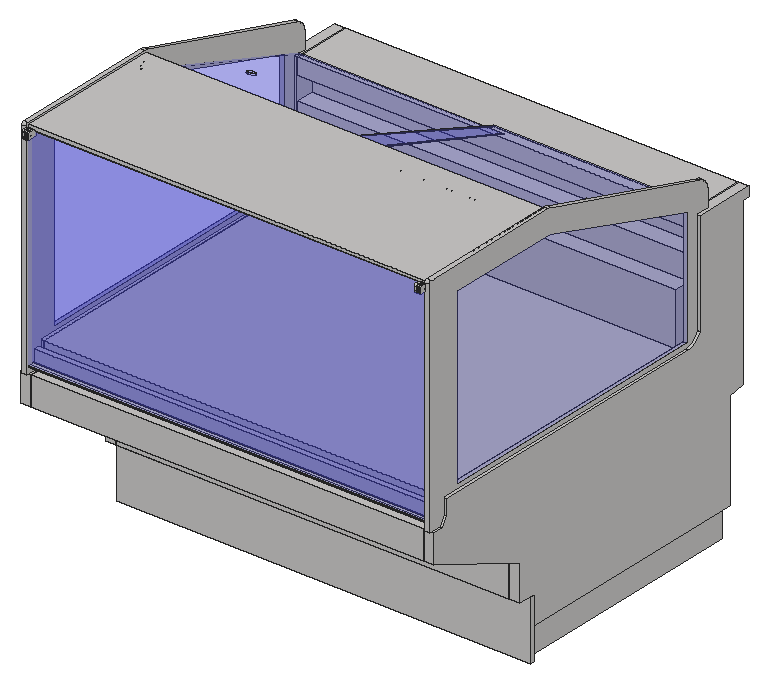
Revit family "QF_OSCARTEK_LA_CROSSE_RM1150_cat", category Specialty Equipment, Revit 2026
Family settings
  Round Connector Dimension = Use Diameter
  Part Type = Normal
  Work Plane-Based = No
  Enable Cutting in Views = No
  Always vertical = Yes
  Cut with Voids When Loaded = No
  Maintain Annotation Orientation = No
  Shared = No
  Room Calculation Point = No
Parameters
  Weight in Pounds = 440
  Watts = 420 W
  Waste Water Discharge Temperature = -459.67 °F
  Volts = 120 V
  URL Cutsheet = ""
  Specification by User = ""
  Specification by Manufacturer = ""
  Show Panels [instance] = yes
  Show Clearance [instance] = yes
  Serial Number = ""
  Seismic Rating = ""
  SMACNA No = ""
  Revision Code = ""
  Refrigerant Volume = 0.00 kip
  Refrigerant Type = "R404A"
  Phase = 1
  Number of Poles = 1
  NAFEM Spec ID Number = ""
  Model = "LA CROSSE PM1150"
  Min Ckt Ampacity = 0 A
  Max Overcurrent Protection = 0 A
  Masterspec = ""
  Manufacturer = "OSCARTEK"
  Length = 47 5/8"
  Item Number = ""
  Installed By = ""
  Indirect Waste Size = 1/4"
  Indirect Waste Flow = 0 GPM
  Indirect Waste Connection Type = ""
  Indirect Waste Connection Height = 0"
  Identify Quantity as Lot = yes
  Height = 45 1/4"
  HP = ""
  Furnished By = ""
  Foodservice Equipment Identifier = yes
  FL Amps = 2.5 A
  Electrical Remarks = ""
  Electric Connection Type = ""
  Elec Conn RI Height = 0"
  Elec Conn Connection Height = 0"
  Description = "LA CROSSE RED MEAT SHOWCASE"
  Depth = 45 3/8"
  Default Elevation = 0"
  Cycle = 60 Hz
  Conn Plug = ""
  Conn Conduit = yes
  CSI MasterFormat = ""
  BTUH = 2400.0 Btu/h
  Apparent Power = 0 VA
Reference planes (in)
  plane 1 "BACK": y = 0
  plane 2: z = 0
  plane 3 "LEFT": x = 0
  plane 4 "RIGHT": x = 47.625
  plane 5 "FRONT": y = -45.375
  plane 6 "TOP": z = 45.25
  plane 7 "Center Y": x = 23.8125
  plane 8 "Center X": y = -22.6875
  plane 9: x = 47.25
  plane 10: x = 0.375
  plane 11: z = 6.9375
  plane 12: z = 19.5
  plane 13: z = 20.24517
  plane 14: z = 20.1875
  plane 15: x = 1.1875
  plane 16: x = 46.4375
  plane 17: x = 0.875
  plane 18: x = 46.75
  plane 19: x = 45.25
  plane 20: z = 45.3125
  plane 21: z = 15.3125
Forms (in)
  Extrusion 1, solid, material "QF_Metal - Stainless - Polished"
    sketch origin (1.1875, -180, -6.0363) x (0, 0, -1) y (0, -1, 0)
      loop
        line (-7.33535, -149.08711) -> (-17.07765, -149.08711) -> (-21.55743, -138.53341) -> (-26.56781, -138.53341) -> (-26.56781, -136.66682) -> (-28.30583, -136.66682) -> (-28.30583, -171.50038)
        arc (-28.30583, -171.50038) -> (-28.69745, -172.43826) -> (-29.47264, -173.0956) r 2.17375
        line (-29.47264, -173.0956) -> (-37.00948, -173.0956) -> (-37.00948, -175.23508) -> (-39.66637, -175.23508) -> (-39.66637, -173.125) -> (-41.47783, -173.125) -> (-41.47783, -180) -> (-40.35551, -180) -> (-40.35551, -179.21241) -> (-21.34378, -179.21241) -> (-21.07149, -177.27494) -> (-11.73734, -177.27494) -> (-11.73734, -177.24344) -> (-11.67433, -177.24344) -> (-11.67433, -177.27494) -> (-7.33535, -177.27494) -> (-7.33535, -149.08711)
      loop
        line (-26.53237, -138.13962) -> (-25.94124, -138.13962) -> (-25.94124, -138.10837) -> (-26.50112, -138.10837) -> (-26.50112, -136.7056) -> (-25.51988, -136.13908) -> (-25.51988, -134.85931) -> (-22.26154, -134.85931) -> (-20.76586, -138.45244) -> (-21.38763, -138.71126) -> (-20.92304, -139.82738) -> (-20.88942, -139.81338) -> (-21.34342, -138.72271) -> (-20.72982, -138.4673) -> (-22.24315, -134.83174) -> (-25.54745, -134.83174) -> (-25.54745, -136.11891) -> (-26.53237, -136.68755) -> (-26.53237, -138.13962)
      loop
        line (-12.98225, -147.11807) -> (-12.98225, -147.64576) -> (-13.34847, -147.64576) -> (-13.34847, -147.6812) -> (-12.95468, -147.6812) -> (-12.95468, -147.09051) -> (-17.14032, -147.09051) -> (-20.71469, -138.50365) -> (-21.26002, -138.73065) -> (-21.10869, -139.09421) -> (-21.07984, -139.0822) -> (-21.22058, -138.74409) -> (-20.72954, -138.53969) -> (-17.15871, -147.11807) -> (-12.98225, -147.11807)
    from 0 to -45.25
  Extrusion 2, solid, material "QF_Metal - Stainless - Polished", visible <- "Show Panels"
    sketch origin (0, 0, 0) x (0, 1, 0) y (0, 0, 1)
      loop
        line (-0.78759, 15.30748) -> (-0.78759, 34.31921) -> (0, 34.31921) -> (0, 35.44153) -> (-6.875, 35.44153) -> (-6.875, 23.49692)
        arc (-6.875, 23.49692) -> (-7.53471, 22.68124) -> (-8.49962, 22.26953) r 2.17375
        line (-8.49962, 22.26953) -> (-43.33318, 22.26953) -> (-43.33318, 20.46016) -> (-43.88109, 19.51115) -> (-45.16826, 19.51115) -> (-45.16826, 16.20686) -> (-32.90949, 11.10402) -> (-32.90949, 6.91838) -> (-30.91289, 6.91838) -> (-30.91289, 3.6875) -> (-2.72506, 3.6875) -> (-2.72506, 15.03519) -> (-0.78759, 15.30748)
    from 0 to 1.1875
  Extrusion 3, solid, material "QF_Metal - Stainless - Polished", visible <- "Show Panels"
    sketch origin (47.625, 0, 0) x (0, -1, 0) y (0, 0, 1)
      loop
        line (2.72506, 15.03519) -> (2.72506, 3.6875) -> (30.91289, 3.6875) -> (30.91289, 6.91838) -> (32.90949, 6.91838) -> (32.90949, 11.10402) -> (45.16826, 16.20686) -> (45.16826, 19.51115) -> (43.88109, 19.51115) -> (43.33318, 20.46016) -> (43.33318, 22.26953) -> (8.49962, 22.26953)
        arc (8.49962, 22.26953) -> (7.53471, 22.68124) -> (6.875, 23.49692) r 2.17375
        line (6.875, 23.49692) -> (6.875, 35.44153) -> (0, 35.44153) -> (0, 34.31921) -> (0.78759, 34.31921) -> (0.78759, 15.30748) -> (2.72506, 15.03519)
    from 0 to 1.1875
  Revolve 4, solid, material "QF_Metal - Stainless - Polished"
    sketch origin (2.375, 26.58082, 0) x (0, 1, 0) y (0, 0, -1)
      loop
        line (-30.83413, 0) -> (-31.09994, -0.11814) -> (-31.05196, -0.22609) -> (-30.4994, -0.22609) -> (-30.4994, -0.39379) -> (-30.32219, -0.39379) -> (-30.32219, -1.26755) -> (-30.40095, -1.26755) -> (-30.40095, -1.37781) -> (-30.36157, -1.37781)
        spline (-30.36157, -1.37781) -> (-30.37994, -1.37921) -> (-30.39705, -1.38331) -> (-30.41174, -1.38984) -> (-30.42301, -1.39834) -> (-30.4301, -1.40824) -> (-30.43252, -1.41887) -> (-30.4301, -1.4295) -> (-30.42301, -1.4394) -> (-30.41174, -1.44791) -> (-30.39705, -1.45443) -> (-30.37994, -1.45854) -> (-30.36157, -1.45993)
        line (-30.36157, -1.45993) -> (-30.36157, -1.87399) -> (-30.32219, -1.91337) -> (-30.28359, -1.9685) -> (-30.1253, -1.9685) -> (-30.1253, 0) -> (-30.83413, 0)
      axis (-30.1253, -1.9685) -> (-30.1253, 0)
    angle from 0 to 360
  Revolve 5, solid, material "QF_Metal - Stainless - Polished"
    sketch origin (2.375, 0, 0) x (0, 1, 0) y (0, 0, -1)
      loop
        line (-30.83413, 0) -> (-31.09994, -0.11814) -> (-31.05196, -0.22609) -> (-30.4994, -0.22609) -> (-30.4994, -0.39379) -> (-30.32219, -0.39379) -> (-30.32219, -1.26755) -> (-30.40095, -1.26755) -> (-30.40095, -1.37781) -> (-30.36157, -1.37781)
        spline (-30.36157, -1.37781) -> (-30.37994, -1.37921) -> (-30.39705, -1.38331) -> (-30.41174, -1.38984) -> (-30.42301, -1.39834) -> (-30.4301, -1.40824) -> (-30.43252, -1.41887) -> (-30.4301, -1.4295) -> (-30.42301, -1.4394) -> (-30.41174, -1.44791) -> (-30.39705, -1.45443) -> (-30.37994, -1.45854) -> (-30.36157, -1.45993)
        line (-30.36157, -1.45993) -> (-30.36157, -1.87399) -> (-30.32219, -1.91337) -> (-30.28359, -1.9685) -> (-30.1253, -1.9685) -> (-30.1253, 0) -> (-30.83413, 0)
      axis (-30.1253, -1.9685) -> (-30.1253, 0)
    angle from 0 to 360
  Extrusion 6, solid, material "QF_Metal - Stainless - Polished"
    sketch origin (1.1875, -180, -6.0363) x (0, 0, -1) y (0, -1, 0)
      loop
        line (-9.7238, -177.27494) -> (-6.0363, -177.27494) -> (-6.0363, -149.08711) -> (-9.7238, -149.08711) -> (-9.7238, -177.27494)
    from 0 to 0.375
  Extrusion 7, solid, material "QF_Metal - Stainless - Polished"
    sketch origin (46.4375, -180, -6.0363) x (0, 0, -1) y (0, 1, 0)
      loop
        line (-9.7238, 177.27494) -> (-9.7238, 149.08711) -> (-6.0363, 149.08711) -> (-6.0363, 177.27494) -> (-9.7238, 177.27494)
    from 0 to 0.375
  Extrusion 8, solid, material "QF_Metal - Stainless - Polished"
    sketch origin (47.625, 0, 0) x (0, -1, 0) y (0, 0, 1)
      loop
        line (31.30668, 6.81218) -> (30.91289, 6.81218) -> (30.91289, 0) -> (31.30668, 0) -> (31.30668, 6.81218)
    from 0 to 47.625
  Extrusion 9, solid, material "QF_Metal - Stainless - Polished"
    sketch origin (0.375, 5.75734, 48) x (0, 1, 0) y (0, 0, -1)
      loop
        line (-33.68253, 5.3125) -> (-14.00734, 11.70536) -> (-14.00734, 25.25) -> (-47.19186, 25.25) -> (-47.19186, 5.3125) -> (-33.68253, 5.3125)
      loop
        arc (-12.05439, 9.29137) -> (-11.41652, 9.7436) -> (-11.17202, 10.48631) r 1.2503
        line (-11.17202, 10.48631) -> (-11.17202, 12.55847) -> (-12.63234, 12.55847) -> (-12.63234, 24.50308)
        arc (-12.63234, 24.50308) -> (-13.29205, 25.31876) -> (-14.25696, 25.73047) r 2.17375
        line (-14.25696, 25.73047) -> (-49.09052, 25.73047) -> (-49.09052, 27.53984) -> (-49.63843, 28.48885) -> (-51.13234, 28.48885) -> (-51.13234, 2.86321)
        arc (-51.13234, 2.86321) -> (-51.05565, 2.67807) -> (-50.87051, 2.60138) r 0.26183
        line (-50.87051, 2.60138) -> (-34.06399, 2.60138)
        arc (-34.06399, 2.60138) -> (-33.78524, 2.62223) -> (-33.51269, 2.68433) r 1.87346
        line (-33.51269, 2.68433) -> (-12.05439, 9.29137)
    from 0 to -0.5
  Extrusion 10, solid, material "QF_Metal - Stainless - Polished"
    sketch origin (47.25, 5.75734, 48) x (0, 1, 0) y (0, 0, 1)
      loop
        line (-11.17202, -12.55847) -> (-11.17202, -10.48631)
        arc (-11.17202, -10.48631) -> (-11.41652, -9.7436) -> (-12.05439, -9.29137) r 1.2503
        line (-12.05439, -9.29137) -> (-33.51269, -2.68433)
        arc (-33.51269, -2.68433) -> (-33.78524, -2.62223) -> (-34.06399, -2.60138) r 1.87346
        line (-34.06399, -2.60138) -> (-50.87051, -2.60138)
        arc (-50.87051, -2.60138) -> (-51.05565, -2.67807) -> (-51.13234, -2.86321) r 0.26183
        line (-51.13234, -2.86321) -> (-51.13234, -28.48885) -> (-49.63843, -28.48885) -> (-49.09052, -27.53984) -> (-49.09052, -25.73047) -> (-14.25696, -25.73047)
        arc (-14.25696, -25.73047) -> (-13.29205, -25.31876) -> (-12.63234, -24.50308) r 2.17375
        line (-12.63234, -24.50308) -> (-12.63234, -12.55847) -> (-11.17202, -12.55847)
      loop
        line (-33.68253, -5.3125) -> (-47.19186, -5.3125) -> (-47.19186, -25.25) -> (-14.00734, -25.25) -> (-14.00734, -11.70536) -> (-33.68253, -5.3125)
    from 0 to -0.5
  Extrusion 11, solid, material "Glass"
    sketch origin (0.375, 5.75734, 48) x (0, 1, 0) y (0, 0, -1)
      loop
        line (-33.68253, 5.3125) -> (-14.00734, 11.70536) -> (-14.00734, 25.25) -> (-47.19186, 25.25) -> (-47.19186, 5.3125) -> (-33.68253, 5.3125)
    from 0 to -0.5
  Extrusion 12, solid, material "Glass"
    sketch origin (47.25, 5.75734, 48) x (0, 1, 0) y (0, 0, 1)
      loop
        line (-14.00734, -25.25) -> (-14.00734, -11.70536) -> (-33.68253, -5.3125) -> (-47.19186, -5.3125) -> (-47.19186, -25.25) -> (-14.00734, -25.25)
    from 0 to -0.5
  Extrusion 13, solid, material "QF_Metal - Stainless - Polished"
    sketch origin (0.875, -180, 41.42362) x (0, 0, -1) y (0, -1, 0)
      loop
        line (-3.86277, -134.75298) -> (-3.86277, -151.68616) -> (-3.46897, -151.68616) -> (-3.46897, -134.75298) -> (-3.86277, -134.75298)
    from 0 to -45.875
  Extrusion 14, solid, material "QF_Metal - Stainless - Polished"
    sketch origin (0.875, -180, 41.42362) x (0, 0, -1) y (0, -1, 0)
      loop
        line (-1.5, -138.41527) -> (-1.91348, -138.41527) -> (-1.91348, -137.23389) -> (-2.8389, -137.23389) -> (-2.8389, -136.21002) -> (-3.46897, -136.21002) -> (-3.46897, -149.44153) -> (-2.18695, -149.44153) -> (-1.5, -148.75458) -> (-1.5, -138.41527)
    from 0 to -45.875
  Extrusion 15, solid, material "QF_Metal - Stainless - Polished"
    sketch origin (0.875, -180, 41.42362) x (0, 0, -1) y (0, -1, 0)
      loop
        line (-3.46897, -151.06972) -> (-3.38037, -151.06972) -> (-3.38037, -150.47198) -> (-2.92267, -150.47198) -> (-2.92267, -150.77717)
        arc (-2.92267, -150.77717) -> (-2.81495, -150.87429) -> (-2.90044, -150.99145) r 0.10829
        arc (-2.90044, -150.99145) -> (-2.93089, -151.03807) -> (-2.88427, -151.06853) r 0.03938
        arc (-2.88427, -151.06853) -> (-2.73683, -150.90672) -> (-2.84391, -150.7158) r 0.18705
        line (-2.84391, -150.7158) -> (-2.84391, -150.47198) -> (-2.14905, -150.47198) -> (-2.14976, -150.58027)
        arc (-2.14976, -150.58027) -> (-2.17304, -150.64736) -> (-2.23288, -150.6856) r 0.10829
        arc (-2.23288, -150.6856) -> (-2.26203, -150.73305) -> (-2.21457, -150.7622) r 0.03938
        arc (-2.21457, -150.7622) -> (-2.11122, -150.69615) -> (-2.071, -150.58027) r 0.18705
        line (-2.071, -150.58027) -> (-2.071, -150.39322) -> (-2.46377, -150.39322) -> (-2.46377, -149.52029) -> (-2.18695, -149.52029) -> (-2.18695, -149.44153) -> (-3.46897, -149.44153) -> (-3.46897, -151.06972)
      loop
        line (-3.38037, -150.39322) -> (-2.55529, -150.39322) -> (-2.55529, -149.53013) -> (-3.38037, -149.53013) -> (-3.38037, -150.39322)
      loop
        line (19.64678, -136.21002) -> (20.1784, -136.21002) -> (20.1784, -136.41915)
        arc (20.1784, -136.41915) -> (20.47375, -136.71449) -> (20.76909, -136.41915) r 0.29535
        line (20.76909, -136.41915) -> (20.76909, -136.21002) -> (21.17845, -136.21002) -> (21.17845, -134.83174) -> (21.04475, -134.83174) -> (21.04475, -135.61933) -> (19.64678, -135.61933) -> (19.64678, -136.21002)
      loop
        line (19.74523, -135.71778) -> (19.74523, -136.11158) -> (21.06444, -136.11158) -> (21.06444, -135.71778) -> (19.74523, -135.71778)
    from 0 to -45.875
  Extrusion 16, solid, material "Glass"
    sketch origin (0.875, -180, 41.42362) x (0, 0, -1) y (0, -1, 0)
      loop
        line (21.04475, -135.36337) -> (-3.37053, -135.36337) -> (-3.37053, -135.5957) -> (21.04475, -135.5957) -> (21.04475, -135.36337)
      loop
        line (21.04475, -134.81599) -> (-3.37053, -134.81599) -> (-3.37053, -135.04833) -> (21.04475, -135.04833) -> (21.04475, -134.81599)
    from 0 to -45.875
  Extrusion 17, solid, material "QF_Door-Drawer Clearances", visible <- "Show Clearance", detail levels coarse
    sketch origin (0.875, -180, 41.42362) x (0, 0, -1) y (0, -1, 0)
      loop
        arc (21.04475, -134.81599) -> (4.42361, -111.67821) -> (-22.80952, -120.04334) r 24.41527
        line (-22.80952, -120.04334) -> (-3.37053, -133.65469) -> (-3.37053, -134.81599) -> (21.04475, -134.81599)
    from 0 to -45.5625
  Extrusion 18, void
    sketch origin (1.1875, -2.72506, 27.25) x (0, 0, 1) y (-1, 0, 0)
      loop
        line (-25.95095, -15.25) -> (-25.95095, -15.375) -> (-8.34488, -15.375) -> (-8.34488, -15.25) -> (-25.95095, -15.25)
    from 0 to 1
  Extrusion 19, solid, material "QF_Metal - Stainless - Polished"
    sketch origin (1.1875, -2.72506, 30.41268) x (0, 0, -1) y (-1, 0, 0)
      loop
        line (15.41701, -8.14667) -> (14.50756, -8.14667) -> (14.50756, -10.22879) -> (15.41701, -10.22879) -> (15.41701, -8.14667)
      loop
        line (14.50756, -6.17476) -> (14.90329, -6.17476) -> (14.90329, -5.64734) -> (14.50756, -5.64734) -> (14.50756, -6.17476)
      loop
        line (14.50756, -6.78483) -> (14.90329, -6.78483) -> (14.90329, -6.25742) -> (14.50756, -6.25742) -> (14.50756, -6.78483)
      loop
        line (14.50756, -7.39491) -> (14.90329, -7.39491) -> (14.90329, -6.86749) -> (14.50756, -6.86749) -> (14.50756, -7.39491)
      loop
        line (14.50756, -8.00498) -> (14.90329, -8.00498) -> (14.90329, -7.47756) -> (14.50756, -7.47756) -> (14.50756, -8.00498)
      loop
        line (15.02128, -6.17476) -> (15.41701, -6.17476) -> (15.41701, -5.64734) -> (15.02128, -5.64734) -> (15.02128, -6.17476)
      loop
        line (15.02128, -6.78483) -> (15.41701, -6.78483) -> (15.41701, -6.25742) -> (15.02128, -6.25742) -> (15.02128, -6.78483)
      loop
        line (15.02128, -7.39491) -> (15.41701, -7.39491) -> (15.41701, -6.86749) -> (15.02128, -6.86749) -> (15.02128, -7.39491)
      loop
        line (15.02128, -8.00498) -> (15.41701, -8.00498) -> (15.41701, -7.47756) -> (15.02128, -7.47756) -> (15.02128, -8.00498)
    from 0 to 0.125
  Extrusion 20, solid, material "QF_Metal - Stainless - Polished"
    sketch origin (1.1875, -2.72506, 27.25) x (0, 0, -1) y (-1, 0, 0)
      loop
        arc (23.55584, -7.68978) -> (23.79021, -7.92415) -> (24.02459, -7.68978) r 0.23438
        line (24.02459, -7.68978) -> (24.02459, -7.56022)
        arc (24.02459, -7.56022) -> (23.79021, -7.32585) -> (23.55584, -7.56022) r 0.23438
        line (23.55584, -7.56022) -> (23.55584, -7.68978)
    from 0 to 0.0625
  Extrusion 21, solid, material "QF_Metal - Stainless - Polished"
    sketch origin (0.875, -180, 41.42362) x (0, 0, -1) y (0, -1, 0)
      loop
        line (19.64678, -136.21002) -> (20.1784, -136.21002) -> (20.1784, -136.41915)
        arc (20.1784, -136.41915) -> (20.47375, -136.71449) -> (20.76909, -136.41915) r 0.29535
        line (20.76909, -136.41915) -> (20.76909, -136.21002) -> (21.17845, -136.21002) -> (21.17845, -134.83174) -> (21.04475, -134.83174) -> (21.04475, -135.61933) -> (19.64678, -135.61933) -> (19.64678, -136.21002)
      loop
        line (19.74523, -135.71778) -> (19.74523, -136.11158) -> (21.06444, -136.11158) -> (21.06444, -135.71778) -> (19.74523, -135.71778)
      loop
        line (-3.22861, -151.05753) -> (-2.9036, -151.8982) -> (-2.83676, -151.87236) -> (-3.03414, -151.3618) -> (-2.88723, -151.305) -> (-2.74302, -151.67795) -> (-2.69313, -151.66434) -> (-2.81686, -151.21062)
        arc (-2.81686, -151.21062) -> (-2.93271, -151.17294) -> (-3.04856, -151.2106) r 0.19696
        arc (-3.04856, -151.2106) -> (-3.08393, -151.21926) -> (-3.11127, -151.19522) r 0.03938
        line (-3.11127, -151.19522) -> (-3.17225, -151.03762)
        arc (-3.17225, -151.03762) -> (-3.13569, -150.88294) -> (-2.97769, -150.86557) r 0.13782
        arc (-2.97769, -150.86557) -> (-2.83458, -150.92429) -> (-2.94514, -150.81609) r 0.0788
        arc (-2.94514, -150.81609) -> (-3.17254, -150.83622) -> (-3.22861, -151.05753) r 0.19723
      loop
        line (-2.56801, -150.75269) -> (-2.26152, -151.59661) -> (-2.19491, -151.57242) -> (-2.38056, -151.06124) -> (-2.23245, -151.00748) -> (-2.08925, -151.402) -> (-2.04548, -151.3762) -> (-2.16012, -150.9147)
        arc (-2.16012, -150.9147) -> (-2.27661, -150.8746) -> (-2.39413, -150.91158) r 0.1969
        arc (-2.39413, -150.91158) -> (-2.42874, -150.91723) -> (-2.45413, -150.89304) r 0.03938
        line (-2.45413, -150.89304) -> (-2.5124, -150.7325)
        arc (-2.5124, -150.7325) -> (-2.46796, -150.57706) -> (-2.30641, -150.57078) r 0.13783
        arc (-2.30641, -150.57078) -> (-2.1647, -150.63265) -> (-2.27286, -150.52215) r 0.07876
        arc (-2.27286, -150.52215) -> (-2.50411, -150.53029) -> (-2.56801, -150.75269) r 0.19694
    from 0 to -45.5625
  Extrusion 22, solid, material "QF_Metal - Stainless - Polished"
    sketch origin (0.875, -180, 41.42362) x (0, 0, -1) y (0, -1, 0)
      loop
        line (-2.81582, -134.04415) -> (-3.37053, -134.04415)
        arc (-3.37053, -134.04415) -> (-3.50076, -134.13158) -> (-3.5592, -134.27715) r 0.26633
        line (-3.5592, -134.27715) -> (-3.5592, -135.04549) -> (-2.74045, -135.04549) -> (-2.74045, -134.11952)
        arc (-2.74045, -134.11952) -> (-2.76253, -134.06623) -> (-2.81582, -134.04415) r 0.07537
      loop
        circle (-3.15394, -134.35919) r 0.13783
    from 0 to -0.25
  Extrusion 23, solid, material "QF_Metal - Stainless - Polished"
    sketch origin (1.125, -180, 41.42362) x (0, 0, 1) y (0, -1, 0)
      loop
        arc (2.81582, -134.04415) -> (2.76253, -134.06623) -> (2.74045, -134.11952) r 0.07537
        line (2.74045, -134.11952) -> (2.74045, -135.04549) -> (3.5592, -135.04549) -> (3.5592, -134.27715)
        arc (3.5592, -134.27715) -> (3.50076, -134.13158) -> (3.37053, -134.04415) r 0.26633
        line (3.37053, -134.04415) -> (2.81582, -134.04415)
      loop
        circle (3.15394, -134.35919) r 0.13783
    from 0 to 0.25
  Extrusion 24, solid, material "QF_Metal - Stainless - Polished"
    sketch origin (1.375, -180, 41.42362) x (0, 0, 1) y (0, -1, 0)
      loop
        arc (2.81582, -134.04415) -> (2.76253, -134.06623) -> (2.74045, -134.11952) r 0.07537
        line (2.74045, -134.11952) -> (2.74045, -135.04549) -> (3.5592, -135.04549) -> (3.5592, -134.27715)
        arc (3.5592, -134.27715) -> (3.50076, -134.13158) -> (3.37053, -134.04415) r 0.26633
        line (3.37053, -134.04415) -> (2.81582, -134.04415)
      loop
        circle (3.15394, -134.35919) r 0.13783
    from 0 to 0.25
  Extrusion 25, solid, material "QF_Metal - Stainless - Polished"
    sketch origin (46.75, -180, 41.42362) x (0, 0, -1) y (0, 1, 0)
      loop
        arc (-2.81582, 134.04415) -> (-2.76253, 134.06623) -> (-2.74045, 134.11952) r 0.07537
        line (-2.74045, 134.11952) -> (-2.74045, 135.04549) -> (-3.5592, 135.04549) -> (-3.5592, 134.27715)
        arc (-3.5592, 134.27715) -> (-3.50076, 134.13158) -> (-3.37053, 134.04415) r 0.26633
        line (-3.37053, 134.04415) -> (-2.81582, 134.04415)
      loop
        circle (-3.15394, 134.35919) r 0.13783
    from 0 to -0.25
  Extrusion 26, solid, material "QF_Metal - Stainless - Polished"
    sketch origin (46.25, -180, 41.42362) x (0, 0, 1) y (0, 1, 0)
      loop
        line (2.81582, 134.04415) -> (3.37053, 134.04415)
        arc (3.37053, 134.04415) -> (3.50076, 134.13158) -> (3.5592, 134.27715) r 0.26633
        line (3.5592, 134.27715) -> (3.5592, 135.04549) -> (2.74045, 135.04549) -> (2.74045, 134.11952)
        arc (2.74045, 134.11952) -> (2.76253, 134.06623) -> (2.81582, 134.04415) r 0.07537
      loop
        circle (3.15394, 134.35919) r 0.13783
    from 0 to 0.25
  Extrusion 27, solid, material "QF_Metal - Stainless - Polished"
    sketch origin (46.5, -180, 41.42362) x (0, 0, 1) y (0, 1, 0)
      loop
        line (2.81582, 134.04415) -> (3.37053, 134.04415)
        arc (3.37053, 134.04415) -> (3.50076, 134.13158) -> (3.5592, 134.27715) r 0.26633
        line (3.5592, 134.27715) -> (3.5592, 135.04549) -> (2.74045, 135.04549) -> (2.74045, 134.11952)
        arc (2.74045, 134.11952) -> (2.76253, 134.06623) -> (2.81582, 134.04415) r 0.07537
      loop
        circle (3.15394, 134.35919) r 0.13783
    from 0 to 0.25
  Extrusion 28, solid, material "Glass"
    sketch origin (46.75, -180, 41.42362) x (0, 0, -1) y (0, 1, 0)
      loop
        line (-3.03414, 151.36182) -> (-2.88723, 151.30498) -> (5.98209, 174.22614) -> (5.83519, 174.28299) -> (-3.03414, 151.36182)
    from 0 to -23.8125
  Extrusion 29, solid, material "Glass"
    sketch origin (0.875, -180, 41.42362) x (0, 0, -1) y (0, -1, 0)
      loop
        line (-2.23245, -151.00748) -> (-2.38051, -151.06123) -> (5.83403, -173.69242) -> (5.98209, -173.63868) -> (-2.23245, -151.00748)
    from 0 to -23.8125
  Revolve 30, solid, material "QF_Metal - Stainless - Polished"
    sketch origin (45.25, -180, 0.39379) x (0, 0, 1) y (0, -1, 0)
      loop
        line (-0.39379, -175.74669) -> (-0.39379, -176.45552) -> (1.57471, -176.45552) -> (1.57471, -176.29723) -> (1.51958, -176.25862) -> (1.4802, -176.21924) -> (1.06614, -176.21924)
        spline (1.06614, -176.21924) -> (1.06474, -176.20088) -> (1.06064, -176.18377) -> (1.05411, -176.16908) -> (1.04561, -176.15781) -> (1.0357, -176.15072) -> (1.02508, -176.1483) -> (1.01445, -176.15072) -> (1.00455, -176.15781) -> (0.99604, -176.16908) -> (0.98952, -176.18377) -> (0.98541, -176.20088) -> (0.98401, -176.21924)
        line (0.98401, -176.21924) -> (0.98401, -176.17986) -> (0.87375, -176.17986) -> (0.87375, -176.25862) -> (0, -176.25862) -> (0, -176.08142) -> (-0.1677, -176.08142) -> (-0.1677, -175.52886) -> (-0.27566, -175.48088) -> (-0.39379, -175.74669)
      axis (1.57471, -176.45552) -> (-0.39379, -176.45552)
    angle from 0 to 360
  Revolve 31, solid, material "QF_Metal - Stainless - Polished"
    sketch origin (45.25, -180, 0.39379) x (0, 0, 1) y (0, -1, 0)
      loop
        line (-0.39379, -149.16587) -> (-0.39379, -149.8747) -> (1.57471, -149.8747) -> (1.57471, -149.71641) -> (1.51958, -149.67781) -> (1.4802, -149.63843) -> (1.06614, -149.63843)
        spline (1.06614, -149.63843) -> (1.06474, -149.62006) -> (1.06064, -149.60295) -> (1.05411, -149.58826) -> (1.04561, -149.57699) -> (1.0357, -149.5699) -> (1.02508, -149.56748) -> (1.01445, -149.5699) -> (1.00455, -149.57699) -> (0.99604, -149.58826) -> (0.98952, -149.60295) -> (0.98541, -149.62006) -> (0.98401, -149.63843)
        line (0.98401, -149.63843) -> (0.98401, -149.59905) -> (0.87375, -149.59905) -> (0.87375, -149.67781) -> (0, -149.67781) -> (0, -149.5006) -> (-0.1677, -149.5006) -> (-0.1677, -148.94804) -> (-0.27566, -148.90006) -> (-0.39379, -149.16587)
      axis (1.57471, -149.8747) -> (-0.39379, -149.8747)
    angle from 0 to 360
  Extrusion 32, solid, material "QF_Metal - Stainless - Polished"
    sketch origin (1.1875, -29.33771, 1.29905) x (1, 0, 0) y (0, -1, 0)
      loop
        circle (4.3125, -22.15021) r 0.5
      loop
        circle (40.9375, -22.15021) r 0.5
    from 0 to 0.125
  Extrusion 33, solid, material "QF_Metal - Stainless - Polished"
    sketch origin (1.1875, -29.33771, 1.29905) x (1, 0, 0) y (0, -1, 0)
      loop
        circle (4.9375, -4.83771) r 0.5
      loop
        circle (40.3125, -4.83771) r 0.5
    from 0 to 0.125
  Extrusion 34, solid, material "QF_Metal - Stainless - Polished"
    sketch origin (1.1875, -180, -6.0363) x (0, 0, -1) y (0, -1, 0)
      loop
        line (-24.94142, -170.98675) -> (-34.2863, -170.98675) -> (-34.2863, -177.27494) -> (-24.94142, -177.27494) -> (-24.94142, -170.98675)
    from 0 to -45.25
  Extrusion 35, void
    sketch origin (46.75, -28.63818, 44.45776) x (0, -0.932614, 0.360874) y (-1, 0, 0)
      loop
        circle (-12.28866, 3.5) r 0.5
    from 0 to 1
  Extrusion 36, void
    sketch origin (0.875, -6.30758, 35.58959) x (0, 0.939993, -0.341193) y (1, 0, 0)
      loop
        spline (-12.23031, 3.5) -> (-12.21328, 3.37059) -> (-12.16334, 3.25) -> (-12.0839, 3.14645) -> (-11.98037, 3.06699) -> (-11.8598, 3.01704) -> (-11.73042, 3) -> (-11.60104, 3.01704) -> (-11.48048, 3.06699) -> (-11.37695, 3.14645) -> (-11.2975, 3.25) -> (-11.24757, 3.37059) -> (-11.23053, 3.5)
        spline (-11.23053, 3.5) -> (-11.24757, 3.62941) -> (-11.2975, 3.75) -> (-11.37695, 3.85355) -> (-11.48048, 3.93301) -> (-11.60104, 3.98296) -> (-11.73042, 4) -> (-11.8598, 3.98296) -> (-11.98037, 3.93301) -> (-12.0839, 3.85355) -> (-12.16334, 3.75) -> (-12.21328, 3.62941) -> (-12.23031, 3.5)
    from 0 to 12
Cuts and joins
  Extrusion 18 cuts Extrusion 1
  Extrusion 35 cuts Extrusion 28
  Extrusion 36 cuts Extrusion 29
Lines and regions (in)
  symbolic lines, style "QF_Door-Drawer Clearances"
    curve 1: line (0.875, -69.59928, 0) -> (46.75, -69.59928, 0)
    curve 2: line (46.75, -69.59928, 0) -> (46.75, -45.375, 0)
    curve 3: line (0.875, -69.59928, 0) -> (0.875, -45.375, 0)
  symbolic lines, visible <- "Show Panels"
    curve 4: line (0, -45.16826, 0) -> (0.375, -45.16826, 0)
    curve 9: line (0, -45.16826, 0) -> (0, 0, 0)
    curve 10: line (0, 0, 0) -> (1.1875, 0, 0)
    curve 12: line (47.625, -45.16826, 0) -> (47.25, -45.16826, 0)
    curve 13: line (47.625, -45.16826, 0) -> (47.625, 0, 0)
    curve 14: line (47.625, 0, 0) -> (46.4375, 0, 0)
  symbolic lines
    curve 5: line (0.375, -45.375, 0) -> (0.875, -45.375, 0)
    curve 6: line (0.875, -45.375, 0) -> (0.875, -5.41468, 0)
    curve 7: line (0.375, -5.41468, 0) -> (0.875, -5.41468, 0)
    curve 8: line (0.375, -5.41468, 0) -> (0.375, -45.375, 0)
    curve 11: line (1.1875, 0, 0) -> (1.1875, -6.10743, 0)
    curve 15: line (1.1875, 0, 0) -> (46.4375, 0, 0)
    curve 16: line (46.4375, 0, 0) -> (46.4375, -5.77113, 0)
    curve 17: line (47.25, -5.41468, 0) -> (46.75, -5.41468, 0)
    curve 18: line (46.75, -5.41468, 0) -> (46.75, -45.375, 0)
    curve 19: line (46.75, -45.375, 0) -> (47.25, -45.375, 0)
    curve 20: line (47.25, -45.375, 0) -> (47.25, -5.41468, 0)
    curve 21: line (46.75, -45.24702, 0) -> (0.875, -45.24702, 0)
    curve 22: line (0.875, -28.30665, 0) -> (46.75, -28.30665, 0)
    curve 23: line (22.9375, -28.30665, 0) -> (22.9375, -5.7364, 0)
    curve 24: line (22.9375, -5.7364, 0) -> (46.75, -5.7364, 0)
    curve 25: line (0.875, -6.10743, 0) -> (22.9375, -6.10743, 0)
    curve 26: spline (4.375, -17.80399, 0) -> (4.24559, -17.78798, 0) -> (4.125, -17.74103, 0) -> (4.02145, -17.66636, 0) -> (3.94199, -17.56904, 0) -> (3.89204, -17.45571, 0) -> (3.875, -17.3341, 0) -> (3.89204, -17.21248, 0) -> (3.94199, -17.09915, 0) -> (4.02145, -17.00183, 0) -> (4.125, -16.92716, 0) -> (4.24559, -16.88021, 0) -> (4.375, -16.8642, 0)
    curve 27: spline (4.375, -16.8642, 0) -> (4.50441, -16.88021, 0) -> (4.625, -16.92716, 0) -> (4.72855, -17.00183, 0) -> (4.80801, -17.09915, 0) -> (4.85796, -17.21248, 0) -> (4.875, -17.3341, 0) -> (4.85796, -17.45571, 0) -> (4.80801, -17.56904, 0) -> (4.72855, -17.66636, 0) -> (4.625, -17.74103, 0) -> (4.50441, -17.78798, 0) -> (4.375, -17.80399, 0)
    curve 28: spline (43.25, -16.71129, 0) -> (43.37941, -16.72718, 0) -> (43.5, -16.77376, 0) -> (43.60355, -16.84787, 0) -> (43.68301, -16.94444, 0) -> (43.73296, -17.05691, 0) -> (43.75, -17.1776, 0) -> (43.73296, -17.29829, 0) -> (43.68301, -17.41075, 0) -> (43.60355, -17.50732, 0) -> (43.5, -17.58143, 0) -> (43.37941, -17.62801, 0) -> (43.25, -17.6439, 0)
    curve 29: spline (43.25, -17.6439, 0) -> (43.12059, -17.62801, 0) -> (43, -17.58143, 0) -> (42.89645, -17.50732, 0) -> (42.81699, -17.41075, 0) -> (42.76704, -17.29829, 0) -> (42.75, -17.1776, 0) -> (42.76704, -17.05691, 0) -> (42.81699, -16.94444, 0) -> (42.89645, -16.84787, 0) -> (43, -16.77376, 0) -> (43.12059, -16.72718, 0) -> (43.25, -16.71129, 0)
Dimensions and locks (in)
  equal spacing: plane 3 "LEFT", plane 7 "Center Y", plane 4 "RIGHT"
  "Length": plane 3 "LEFT" to plane 4 "RIGHT"
  equal spacing: plane 5 "FRONT", plane 8 "Center X", plane 1 "BACK"
  "Depth": plane 5 "FRONT" to plane 1 "BACK"
  "Height": plane 6 "TOP" to level
  plane 6 "TOP" to level = 45 1/4"
  plane 10 to plane 9 = 46 7/8"
  locked: plane 9 to plane 4 "RIGHT" at 0.375
  locked: plane 3 "LEFT" to plane 10 at 0.375
  plane 6 "TOP" to plane 2 = 45 1/4"
  plane 5 "FRONT" to plane 1 "BACK" = 45 3/8"
  plane 11 to plane 2 = 6 15/16"
  plane 12 to plane 11 = 12 9/16"
  plane 20 to plane 14 = 25 1/8"
  locked: plane 3 "LEFT" to plane 15 at 1.1875
  locked: plane 4 "RIGHT" to plane 16 at 1.1875
  locked: plane 3 "LEFT" to plane 17 at 0.875
  locked: plane 4 "RIGHT" to plane 18 at 0.875
  locked: Extrusion 28 to plane 7 "Center Y" at 0.875
  locked: Extrusion 29 to plane 7 "Center Y" at 0.875
  locked: plane 4 "RIGHT" to plane 19 at 2.375
  plane 13 to plane 12 = 0.74517"
  plane 6 "TOP" to Extrusion 3 = 9.80847"
  Extrusion 3 to plane 2 = 35.44153"
  plane 21 to plane 2 = 15 5/16"
  Extrusion 3 to plane 21 = 20.12903"
  aligned and locked: level to plane 2
  aligned and locked: plane 16 to Extrusion 1
  aligned and locked: Extrusion 8 to plane 3 "LEFT"
  aligned and locked: plane 18 to Extrusion 14
  aligned and locked: Extrusion 15 to plane 18
  aligned and locked: Extrusion 16 to plane 18
  aligned and locked: plane 16 to Extrusion 34
  aligned and locked: plane 16 to Extrusion 17
  aligned and locked: plane 16 to Extrusion 21
  aligned and locked: plane 18 to Extrusion 13
Automatic sketch dimensions
  Revolve 4 sketch curve to level = 0"
  level to Revolve 4 sketch curve = 0.11814"
  plane 1 "BACK" to Revolve 4 sketch curve = 4.51912"
  level to Revolve 4 sketch curve = 0.22609"
  Revolve 4 sketch curve to Revolve 4 sketch curve = 0.04798"
  Revolve 4 sketch curve to Revolve 4 sketch curve = 0.33473"
  Revolve 4 sketch curve to Revolve 4 sketch curve = 0.09845"
  Revolve 4 sketch curve to Revolve 4 sketch curve = 0.03938"  (x3)
  Revolve 4 sketch curve to Revolve 4 sketch curve = 0.07876"
  Revolve 4 sketch curve to Revolve 4 sketch curve = 0.0386"
  Revolve 4 sketch curve to Revolve 4 sketch curve = 0.37411"
  Revolve 4 sketch curve to Revolve 4 sketch curve = 0.1677"
  Revolve 4 sketch curve to Revolve 4 sketch curve = 0.87375"
  Revolve 4 sketch curve to Revolve 4 sketch curve = 0.11026"
  Revolve 4 sketch curve to Revolve 4 sketch curve = 0.08213"
  Revolve 4 sketch curve to Revolve 4 sketch curve = 53/128"
  Revolve 4 sketch curve to Revolve 4 sketch curve = 0.05513"
  Revolve 4 sketch curve to Revolve 4 sketch curve = 0.03156"
  Revolve 4 sketch curve to Revolve 4 sketch curve = 0"  (x3)
  Revolve 4 sketch curve to Revolve 4 sketch curve = 0.22609"
  Revolve 4 sketch curve to level = 0.9832"
  Revolve 5 sketch curve to level = 0"
  level to Revolve 5 sketch curve = 0.11814"
  Revolve 5 sketch curve to plane 8 "Center X" = 8.41244"
  level to Revolve 5 sketch curve = 0.22609"
  Revolve 5 sketch curve to Revolve 5 sketch curve = 0.04798"
  Revolve 5 sketch curve to Revolve 5 sketch curve = 0.33473"
  Revolve 5 sketch curve to Revolve 5 sketch curve = 0.09845"
  Revolve 5 sketch curve to Revolve 5 sketch curve = 0.03938"  (x3)
  Revolve 5 sketch curve to Revolve 5 sketch curve = 0.07876"
  level to Revolve 5 sketch curve = 1.91337"
  level to Revolve 5 sketch curve = 1.9685"
  Revolve 5 sketch curve to Revolve 5 sketch curve = 0.0386"
  Revolve 5 sketch curve to Revolve 5 sketch curve = 0.37411"
  Revolve 5 sketch curve to Revolve 5 sketch curve = 53/128"
  Revolve 5 sketch curve to Revolve 5 sketch curve = 0.08213"
  Revolve 5 sketch curve to Revolve 5 sketch curve = 0.11026"
  Revolve 5 sketch curve to Revolve 5 sketch curve = 0.1677"
  Revolve 5 sketch curve to Revolve 5 sketch curve = 0.03156"
  Revolve 5 sketch curve to Revolve 5 sketch curve = 0"  (x2)
  Revolve 5 sketch curve to Revolve 5 sketch curve = 0.04106"
  Revolve 5 sketch curve to Revolve 5 sketch curve = 0.22609"
  Revolve 5 sketch curve to level = 0.9832"
  Extrusion 6 sketch curve to level = 0"
  Extrusion 6 sketch curve to plane 11 = 3 1/4"
  plane 1 "BACK" to Extrusion 6 sketch curve = 2.72506"
  Extrusion 6 sketch curve to plane 8 "Center X" = 8.22539"
  Extrusion 7 sketch curve to level = 0"
  plane 11 to Extrusion 7 sketch curve = 3 1/4"
  Extrusion 7 sketch curve to plane 1 "BACK" = 2.72506"
  plane 8 "Center X" to Extrusion 7 sketch curve = 8.22539"
  Extrusion 8 sketch curve to level = 0"
  Extrusion 8 sketch curve to plane 11 = 0.12532"
  Extrusion 8 sketch curve to plane 8 "Center X" = 8.22539"
  Extrusion 8 sketch curve to Extrusion 8 sketch curve = 0.3938"
  Extrusion 10 sketch curve to plane 5 "FRONT" = 0"
  Extrusion 10 sketch curve to plane 6 "TOP" = 1.72484"
  Extrusion 10 sketch curve to plane 8 "Center X" = 5.61915"
  plane 6 "TOP" to Extrusion 10 sketch curve = 0.06567"
  Extrusion 14 sketch curve to plane 6 "TOP" = 0.35741"
  Extrusion 14 sketch curve to plane 6 "TOP" = 0.98748"
  Extrusion 14 sketch curve to Extrusion 14 sketch curve = 1.28202"
  Extrusion 14 sketch curve to Extrusion 14 sketch curve = 0.92542"
  Extrusion 14 sketch curve to Extrusion 14 sketch curve = 0.68695"  (x2)
  Extrusion 14 sketch curve to plane 8 "Center X" = 7.87097"
  Extrusion 14 sketch curve to plane 5 "FRONT" = 3.79027"
  Extrusion 14 sketch curve to Extrusion 14 sketch curve = 1.18138"
  Extrusion 14 sketch curve to Extrusion 14 sketch curve = 1.02387"
  Extrusion 15 sketch curve to plane 13 = 0"
  plane 13 to Extrusion 15 sketch curve = 0.11401"
  Extrusion 15 sketch curve to Extrusion 15 sketch curve = 0.01969"
  Extrusion 15 sketch curve to Extrusion 15 sketch curve = 0.29535"  (x2)
  Extrusion 15 sketch curve to Extrusion 15 sketch curve = 0.43317"
  Extrusion 15 sketch curve to Extrusion 15 sketch curve = 0.09845"  (x3)
  Extrusion 15 sketch curve to plane 6 "TOP" = 1.75538"
  Extrusion 15 sketch curve to Extrusion 15 sketch curve = 0.07804"
  Extrusion 15 sketch curve to Extrusion 15 sketch curve = 0.11595"
  Extrusion 15 sketch curve to Extrusion 15 sketch curve = 0.07468"
  Extrusion 15 sketch curve to Extrusion 15 sketch curve = 0.10901"
  Extrusion 15 sketch curve to Extrusion 15 sketch curve = 0"  (x8)
  Extrusion 15 sketch curve to Extrusion 15 sketch curve = 0.20571"
  Extrusion 15 sketch curve to Extrusion 15 sketch curve = 0.09152"
  Extrusion 15 sketch curve to Extrusion 15 sketch curve = 0.28862"
  Extrusion 15 sketch curve to Extrusion 15 sketch curve = 0.04844"
  Extrusion 15 sketch curve to Extrusion 15 sketch curve = 0.03032"
  Extrusion 15 sketch curve to Extrusion 15 sketch curve = 0.07876"  (x2)
  Extrusion 15 sketch curve to plane 6 "TOP" = 0.44601"  (x2)
  Extrusion 15 sketch curve to Extrusion 15 sketch curve = 0.0886"  (x2)
  Extrusion 15 sketch curve to plane 8 "Center X" = 6.24278"
  Extrusion 15 sketch curve to Extrusion 15 sketch curve = 0.03973"
  Extrusion 15 sketch curve to Extrusion 15 sketch curve = 37/256"
  Extrusion 15 sketch curve to Extrusion 15 sketch curve = 0.10829"  (x2)
  Extrusion 15 sketch curve to Extrusion 15 sketch curve = 0.05327"
  Extrusion 15 sketch curve to Extrusion 15 sketch curve = 0.06137"
  Extrusion 15 sketch curve to Extrusion 15 sketch curve = 0.14363"
  Extrusion 15 sketch curve to Extrusion 15 sketch curve = 0.30519"
  Extrusion 15 sketch curve to Extrusion 15 sketch curve = 0.86309"
  Extrusion 15 sketch curve to Extrusion 15 sketch curve = 0.00984"
  Extrusion 15 sketch curve to plane 5 "FRONT" = 1.79415"
  Extrusion 15 sketch curve to Extrusion 15 sketch curve = 0.20912"  (x2)
  Extrusion 15 sketch curve to Extrusion 15 sketch curve = 0.39379"
  Extrusion 15 sketch curve to plane 5 "FRONT" = 0.20674"
  Extrusion 15 sketch curve to Extrusion 15 sketch curve = 0.00072"
  Extrusion 16 sketch curve to plane 6 "TOP" = 0.45585"
  Extrusion 16 sketch curve to Extrusion 16 sketch curve = 0"
  plane 13 to Extrusion 16 sketch curve = 0.1337"  (x2)
  Extrusion 16 sketch curve to plane 5 "FRONT" = 0.9707"
  Extrusion 16 sketch curve to Extrusion 16 sketch curve = 0.23234"
  Extrusion 16 sketch curve to Extrusion 16 sketch curve = 0.31504"
  Extrusion 16 sketch curve to plane 5 "FRONT" = 0.19099"
  plane 6 "TOP" to Extrusion 17 sketch curve = 18.98314"
  Extrusion 17 sketch curve to plane 5 "FRONT" = 0.19099"
  Extrusion 17 sketch curve to plane 6 "TOP" = 0.45585"
  Extrusion 17 sketch curve to Extrusion 17 sketch curve = 0"
  plane 13 to Extrusion 17 sketch curve = 0.1337"
  plane 5 "FRONT" to Extrusion 17 sketch curve = 0.97031"
  Extrusion 21 sketch curve to Extrusion 21 sketch curve = 0.00027"
  Extrusion 21 sketch curve to Extrusion 21 sketch curve = 0.00019"
  Extrusion 21 sketch curve to Extrusion 21 sketch curve = 0.00004"
  Extrusion 21 sketch curve to Extrusion 21 sketch curve = 0.00002"
  Extrusion 21 sketch curve to plane 13 = 0"
  plane 13 to Extrusion 21 sketch curve = 0.11401"
  plane 13 to Extrusion 21 sketch curve = 0.1337"
  Extrusion 21 sketch curve to Extrusion 21 sketch curve = 0.29535"  (x2)
  Extrusion 21 sketch curve to Extrusion 21 sketch curve = 0.43317"
  Extrusion 21 sketch curve to Extrusion 21 sketch curve = 0.09845"  (x3)
  Extrusion 21 sketch curve to plane 6 "TOP" = 1.7809"
  Extrusion 21 sketch curve to Extrusion 21 sketch curve = 0.04377"
  Extrusion 21 sketch curve to Extrusion 21 sketch curve = 0.10566"
  Extrusion 21 sketch curve to Extrusion 21 sketch curve = 0.11463"
  Extrusion 21 sketch curve to Extrusion 21 sketch curve = 0.0666"
  Extrusion 21 sketch curve to Extrusion 21 sketch curve = 0.07233"
  Extrusion 21 sketch curve to Extrusion 21 sketch curve = 0.04678"
  Extrusion 21 sketch curve to Extrusion 21 sketch curve = 0.00291"
  Extrusion 21 sketch curve to Extrusion 21 sketch curve = 0.10133"
  Extrusion 21 sketch curve to Extrusion 21 sketch curve = 0.03655"
  Extrusion 21 sketch curve to Extrusion 21 sketch curve = 0.15331"
  Extrusion 21 sketch curve to Extrusion 21 sketch curve = 0.03702"
  Extrusion 21 sketch curve to Extrusion 21 sketch curve = 0.12952"
  Extrusion 21 sketch curve to Extrusion 21 sketch curve = 0.0556"
  Extrusion 21 sketch curve to Extrusion 21 sketch curve = 0.43161"
  Extrusion 21 sketch curve to Extrusion 21 sketch curve = 0.04989"
  Extrusion 21 sketch curve to Extrusion 21 sketch curve = 3/32"
  Extrusion 21 sketch curve to Extrusion 21 sketch curve = 0.12373"
  Extrusion 21 sketch curve to Extrusion 21 sketch curve = 0.06684"
  Extrusion 21 sketch curve to Extrusion 21 sketch curve = 0.07037"
  Extrusion 21 sketch curve to Extrusion 21 sketch curve = 0.04549"
  Extrusion 21 sketch curve to Extrusion 21 sketch curve = 0.3324"
  Extrusion 21 sketch curve to Extrusion 21 sketch curve = 0.10142"
  Extrusion 21 sketch curve to Extrusion 21 sketch curve = 0.0404"
  Extrusion 21 sketch curve to Extrusion 21 sketch curve = 0.14398"
  Extrusion 21 sketch curve to Extrusion 21 sketch curve = 0.03673"
  Extrusion 21 sketch curve to Extrusion 21 sketch curve = 0.1276"
  Extrusion 21 sketch curve to Extrusion 21 sketch curve = 0.05636"
  Extrusion 21 sketch curve to plane 8 "Center X" = 5.4143"
  Extrusion 21 sketch curve to Extrusion 21 sketch curve = 0.02584"
  Extrusion 21 sketch curve to Extrusion 21 sketch curve = 0.19441"
  Extrusion 21 sketch curve to Extrusion 21 sketch curve = 0.01361"
  Extrusion 21 sketch curve to Extrusion 21 sketch curve = 0.06774"
  Extrusion 21 sketch curve to Extrusion 21 sketch curve = 0.02419"
  Extrusion 21 sketch curve to Extrusion 21 sketch curve = 0.0649"
  Extrusion 21 sketch curve to Extrusion 21 sketch curve = 0.17042"
  Extrusion 21 sketch curve to Extrusion 21 sketch curve = 0.0258"
  Extrusion 21 sketch curve to Extrusion 21 sketch curve = 0.16658"
  Extrusion 21 sketch curve to Extrusion 21 sketch curve = 0.02959"
  Extrusion 21 sketch curve to Extrusion 21 sketch curve = 0.0199"
  Extrusion 21 sketch curve to Extrusion 21 sketch curve = 0.064"
  Extrusion 21 sketch curve to Extrusion 21 sketch curve = 0.05125"
  Extrusion 21 sketch curve to Extrusion 21 sketch curve = 0.1682"
  Extrusion 21 sketch curve to Extrusion 21 sketch curve = 0.03198"
  Extrusion 21 sketch curve to Extrusion 21 sketch curve = 0.10521"
  Extrusion 21 sketch curve to Extrusion 21 sketch curve = 0.02019"
  Extrusion 21 sketch curve to Extrusion 21 sketch curve = 0.04703"
  Extrusion 21 sketch curve to Extrusion 21 sketch curve = 0.09754"
  Extrusion 21 sketch curve to plane 5 "FRONT" = 1.79415"
  Extrusion 21 sketch curve to Extrusion 21 sketch curve = 0.20912"  (x2)
  Extrusion 21 sketch curve to Extrusion 21 sketch curve = 0.39379"
  Extrusion 21 sketch curve to plane 5 "FRONT" = 0.20674"
  Extrusion 21 sketch curve to Extrusion 21 sketch curve = 0.04333"
  Extrusion 21 sketch curve to Extrusion 21 sketch curve = 0.04473"
  Extrusion 22 sketch curve to plane 6 "TOP" = 0.26718"
  Extrusion 22 sketch curve to Extrusion 22 sketch curve = 0.18868"
  Extrusion 22 sketch curve to Extrusion 22 sketch curve = 0.07674"
  Extrusion 22 sketch curve to Extrusion 22 sketch curve = 0.13985"
  Extrusion 22 sketch curve to Extrusion 22 sketch curve = 0.33812"
  Extrusion 22 sketch curve to Extrusion 22 sketch curve = 0.41348"
  Extrusion 22 sketch curve to plane 5 "FRONT" = 0.42049"
  plane 5 "FRONT" to Extrusion 22 sketch curve = 0.26581"
  Extrusion 22 sketch curve to Extrusion 22 sketch curve = 0.06"
  Extrusion 22 sketch curve to Extrusion 22 sketch curve = 0.02204"
  Extrusion 23 sketch curve to Extrusion 22 = 0"  (x2)
  Extrusion 24 sketch curve to Extrusion 23 = 0"  (x2)
  plane 6 "TOP" to Extrusion 25 sketch curve = 0.26718"
  Extrusion 25 sketch curve to Extrusion 25 sketch curve = 0.18868"
  Extrusion 25 sketch curve to Extrusion 25 sketch curve = 0.07674"
  Extrusion 25 sketch curve to Extrusion 25 sketch curve = 0.13985"
  Extrusion 25 sketch curve to Extrusion 25 sketch curve = 0.33812"
  Extrusion 25 sketch curve to Extrusion 25 sketch curve = 0.41348"
  plane 5 "FRONT" to Extrusion 25 sketch curve = 0.42049"
  Extrusion 25 sketch curve to plane 5 "FRONT" = 0.26581"
  Extrusion 25 sketch curve to Extrusion 25 sketch curve = 0.06"
  Extrusion 25 sketch curve to Extrusion 25 sketch curve = 0.02204"
  Extrusion 26 sketch curve to Extrusion 27 = 0"  (x2)
  Extrusion 27 sketch curve to Extrusion 25 = 0"  (x2)
  Revolve 30 sketch curve to level = 0"
  level to Revolve 30 sketch curve = 0.11814"
  level to Revolve 30 sketch curve = 0.22609"
  Revolve 30 sketch curve to Revolve 30 sketch curve = 0.1677"
  Revolve 30 sketch curve to Revolve 30 sketch curve = 0.87375"
  Revolve 30 sketch curve to Revolve 30 sketch curve = 0.11026"
  Revolve 30 sketch curve to Revolve 30 sketch curve = 0.08213"
  Revolve 30 sketch curve to Revolve 30 sketch curve = 53/128"
  Revolve 30 sketch curve to Revolve 30 sketch curve = 0.03938"  (x3)
  Revolve 30 sketch curve to Revolve 30 sketch curve = 0.05513"
  plane 1 "BACK" to Revolve 30 sketch curve = 3.54448"
  Revolve 30 sketch curve to Revolve 30 sketch curve = 0.15829"
  Revolve 30 sketch curve to Revolve 30 sketch curve = 0.0386"  (x2)
  Revolve 30 sketch curve to Revolve 30 sketch curve = 0.17721"
  Revolve 30 sketch curve to Revolve 30 sketch curve = 0.33473"
  Revolve 30 sketch curve to Revolve 30 sketch curve = 0.21783"
  Revolve 30 sketch curve to level = 0.9832"
  Revolve 30 sketch curve to Revolve 30 sketch curve = 0.22609"
  Revolve 30 sketch curve to Revolve 30 sketch curve = 0"  (x3)
  Revolve 30 sketch curve to Revolve 30 sketch curve = 0.03156"
  Revolve 31 sketch curve to level = 0"
  level to Revolve 31 sketch curve = 0.11814"
  level to Revolve 31 sketch curve = 0.22609"
  Revolve 31 sketch curve to Revolve 31 sketch curve = 0.1677"
  Revolve 31 sketch curve to Revolve 31 sketch curve = 0.87375"
  Revolve 31 sketch curve to Revolve 31 sketch curve = 0.11026"
  Revolve 31 sketch curve to Revolve 31 sketch curve = 0.08213"
  Revolve 31 sketch curve to Revolve 31 sketch curve = 53/128"
  Revolve 31 sketch curve to Revolve 31 sketch curve = 0.03938"  (x3)
  Revolve 31 sketch curve to Revolve 31 sketch curve = 0.05513"
  Revolve 31 sketch curve to plane 8 "Center X" = 7.4378"
  Revolve 31 sketch curve to Revolve 31 sketch curve = 0.15829"
  Revolve 31 sketch curve to Revolve 31 sketch curve = 0.0386"  (x2)
  Revolve 31 sketch curve to Revolve 31 sketch curve = 0.17721"
  Revolve 31 sketch curve to Revolve 31 sketch curve = 0.33473"
  Revolve 31 sketch curve to Revolve 31 sketch curve = 0.21783"
  Revolve 31 sketch curve to level = 0.9832"
  Revolve 31 sketch curve to Revolve 31 sketch curve = 0.22609"
  Revolve 31 sketch curve to Revolve 31 sketch curve = 0"  (x3)
  Revolve 31 sketch curve to Revolve 31 sketch curve = 0.03156"
  Extrusion 34 sketch curve to plane 12 = 0.59488"
  plane 1 "BACK" to Extrusion 34 sketch curve = 2.72506"
  Extrusion 34 sketch curve to Extrusion 34 sketch curve = 6.28819"
  Extrusion 18 sketch curve to Extrusion 1 = 4.40199"
  Extrusion 18 sketch curve to Extrusion 1 = 15 3/8"
  Extrusion 18 sketch curve to Extrusion 18 sketch curve = 1/8"
  Extrusion 19 sketch curve to Extrusion 19 sketch curve = 0"  (x10)
  Extrusion 19 sketch curve to Extrusion 19 sketch curve = 0.39573"  (x7)
  Extrusion 19 sketch curve to Extrusion 19 sketch curve = 0.11799"  (x3)
  Extrusion 19 sketch curve to Extrusion 19 sketch curve = 0.90945"
  Extrusion 1 to Extrusion 19 sketch curve = 10.22879"
  Extrusion 19 sketch curve to Extrusion 19 sketch curve = 2.08212"
  Extrusion 19 sketch curve to Extrusion 19 sketch curve = 0.14169"  (x2)
  Extrusion 19 sketch curve to Extrusion 19 sketch curve = 0.52742"  (x4)
  Extrusion 19 sketch curve to Extrusion 19 sketch curve = 0.08265"  (x6)
  Extrusion 1 to Extrusion 20 sketch curve = 1.94387"
  Extrusion 20 sketch curve to Extrusion 20 sketch curve = 15/64"
  Extrusion 1 to Extrusion 20 sketch curve = 7.68978"
  Extrusion 20 sketch curve to Extrusion 20 sketch curve = 0.12956"
  Extrusion 32 sketch curve to Extrusion 1 = 4 5/16"  (x2)
  Extrusion 1 to Extrusion 32 sketch curve = 4.46244"  (x2)
  Extrusion 33 sketch curve to Extrusion 1 = 4 15/16"  (x2)
  Extrusion 33 sketch curve to Extrusion 1 = 6.41289"  (x2)
  plane 1 "BACK" to curve 10 = 0"
  curve 10 to plane 3 "LEFT" = 0"
  plane 5 "FRONT" to curve 8 = 0"
  curve 8 to plane 10 = 0"
  curve 25 to plane 17 = 0"
  curve 11 to plane 15 = 0"
  curve 16 to plane 16 = 0"
  curve 1 to plane 18 = 0"
  curve 12 to plane 9 = 0"
  curve 13 to plane 4 "RIGHT" = 0"
  plane 5 "FRONT" to curve 2 = 0"
  curve 24 to plane 7 "Center Y" = 7/8"
  plane 5 "FRONT" to curve 1 = 24.22428"
  curve 9 to plane 5 "FRONT" = 0.20674"
  curve 13 to plane 5 "FRONT" = 0.20674"
  plane 1 "BACK" to curve 24 = 5.7364"
  curve 24 to curve 17 = 0.32172"
  plane 1 "BACK" to curve 7 = 5.41468"
  curve 3 to curve 21 = 0.12798"
  curve 23 to plane 8 "Center X" = 5.61915"
  curve 25 to curve 6 = 0.69276"
  curve 16 to curve 24 = 0.03473"
  Extrusion 1 sketch curve to plane 1 "BACK" = 0"
  Extrusion 1 sketch curve to Extrusion 1 sketch curve = 1.12232"
  Extrusion 1 sketch curve to Extrusion 1 sketch curve = 1.81146"
  Extrusion 1 sketch curve to Extrusion 1 sketch curve = 0.97932"
  Extrusion 1 sketch curve to Extrusion 1 sketch curve = 1.16681"
  plane 13 to Extrusion 1 sketch curve = 0.28634"
  Extrusion 1 sketch curve to Extrusion 1 sketch curve = 1/32"  (x2)
  Extrusion 1 sketch curve to plane 14 = 0.28255"
  plane 12 to Extrusion 1 sketch curve = 0.01115"
  Extrusion 1 sketch curve to plane 12 = 0.01641"
  Extrusion 1 sketch curve to plane 5 "FRONT" = 0.23431"
  Extrusion 1 sketch curve to Extrusion 1 sketch curve = 3.25835"
  Extrusion 1 sketch curve to plane 5 "FRONT" = 0.20674"
  Extrusion 1 sketch curve to Extrusion 1 sketch curve = 0.01838"  (x2)
  plane 1 "BACK" to Extrusion 1 sketch curve = 0.78759"
  Extrusion 1 sketch curve to plane 12 = 4.19252"
  Extrusion 1 sketch curve to Extrusion 1 sketch curve = 0.04422"
  Extrusion 1 sketch curve to Extrusion 1 sketch curve = 0.0834"
  Extrusion 1 sketch curve to Extrusion 1 sketch curve = 0.03944"
  Extrusion 1 sketch curve to Extrusion 1 sketch curve = 0.11189"
  Extrusion 1 sketch curve to Extrusion 1 sketch curve = 0.02885"
  Extrusion 1 sketch curve to Extrusion 1 sketch curve = 0.27229"
  Extrusion 1 sketch curve to Extrusion 1 sketch curve = 0.18565"
  Extrusion 1 sketch curve to Extrusion 1 sketch curve = 0.03362"
  Extrusion 1 sketch curve to Extrusion 1 sketch curve = 0.45471"
  Extrusion 1 sketch curve to Extrusion 1 sketch curve = 0.03604"  (x2)
  Extrusion 1 sketch curve to Extrusion 1 sketch curve = 0.00028"
  Extrusion 1 sketch curve to Extrusion 1 sketch curve = 0.01486"  (x2)
  plane 11 to Extrusion 1 sketch curve = 4.18491"
  plane 11 to Extrusion 1 sketch curve = 0.37468"
  plane 11 to Extrusion 1 sketch curve = 0.00845"
  Extrusion 1 sketch curve to plane 11 = 0.01912"
  Extrusion 1 sketch curve to plane 11 = 1.23646"
  Extrusion 1 sketch curve to Extrusion 1 sketch curve = 0.06301"
  level to Extrusion 1 sketch curve = 1.29905"
  plane 1 "BACK" to Extrusion 1 sketch curve = 2.72506"  (x2)
  Extrusion 1 sketch curve to Extrusion 1 sketch curve = 0.0315"
  plane 1 "BACK" to Extrusion 1 sketch curve = 4.76492"
  Extrusion 1 sketch curve to Extrusion 1 sketch curve = 2.11008"
  Extrusion 1 sketch curve to Extrusion 1 sketch curve = 2.13949"
  Extrusion 1 sketch curve to Extrusion 1 sketch curve = 1.59522"
  Extrusion 1 sketch curve to plane 8 "Center X" = 8.22539"
  Extrusion 1 sketch curve to Extrusion 1 sketch curve = 1.40591"
  Extrusion 1 sketch curve to Extrusion 1 sketch curve = 0.03544"  (x2)
  Extrusion 1 sketch curve to Extrusion 1 sketch curve = 0.52768"
  Extrusion 1 sketch curve to Extrusion 1 sketch curve = 0.02757"
  Extrusion 1 sketch curve to Extrusion 1 sketch curve = 4.96807"
  Extrusion 1 sketch curve to Extrusion 1 sketch curve = 0.014"
  Extrusion 1 sketch curve to Extrusion 1 sketch curve = 0.38295"
  Extrusion 1 sketch curve to Extrusion 1 sketch curve = 0.01201"
  Extrusion 1 sketch curve to Extrusion 1 sketch curve = 0.01145"
  Extrusion 1 sketch curve to Extrusion 1 sketch curve = 0.2044"
  Extrusion 1 sketch curve to Extrusion 1 sketch curve = 0.03636"
  Extrusion 1 sketch curve to Extrusion 1 sketch curve = 1.40277"
  Extrusion 1 sketch curve to Extrusion 1 sketch curve = 0.01804"
  Extrusion 1 sketch curve to Extrusion 1 sketch curve = 0.56651"
  Extrusion 1 sketch curve to Extrusion 1 sketch curve = 0.02017"
  Extrusion 1 sketch curve to Extrusion 1 sketch curve = 0.02073"
  Extrusion 18 sketch curve to Extrusion 1 = 3.86993"
  Extrusion 1 to Extrusion 19 sketch curve = 0.86993"
  Extrusion 1 sketch curve to Extrusion 1 sketch curve = 0.1698"
  Extrusion 1 sketch curve to Extrusion 1 sketch curve = 0.39379"
  Extrusion 1 sketch curve to Extrusion 1 sketch curve = 0.08106"
  Extrusion 1 sketch curve to Extrusion 1 sketch curve = 0.17785"
  Extrusion 1 sketch curve to Extrusion 1 sketch curve = 0.70411"
  Extrusion 2 sketch curve to plane 1 "BACK" = 0"
  plane 1 "BACK" to Extrusion 2 sketch curve = 0.78759"
  Extrusion 2 sketch curve to Extrusion 2 sketch curve = 1.93747"
  plane 13 to Extrusion 2 sketch curve = 3.25175"
  plane 1 "BACK" to Extrusion 2 sketch curve = 6 7/8"
  Extrusion 2 sketch curve to Extrusion 2 sketch curve = 1.62462"
  Extrusion 2 sketch curve to Extrusion 2 sketch curve = 0.34543"
  Extrusion 2 sketch curve to plane 11 = 3 1/4"
  Extrusion 2 sketch curve to plane 8 "Center X" = 8.22539"
  plane 11 to Extrusion 2 sketch curve = 4.16652"
  Extrusion 2 sketch curve to Extrusion 2 sketch curve = 1.99661"
  Extrusion 2 sketch curve to plane 5 "FRONT" = 2.04182"
  plane 12 to Extrusion 2 sketch curve = 0.01115"
  Extrusion 2 sketch curve to Extrusion 2 sketch curve = 0.54791"
  Extrusion 2 sketch curve to plane 5 "FRONT" = 0.20674"
  Extrusion 2 sketch curve to plane 11 = 0.01912"
  Extrusion 2 sketch curve to plane 12 = 4.46481"
  Extrusion 2 sketch curve to Extrusion 2 sketch curve = 0.27229"
  Extrusion 2 sketch curve to plane 12 = 3.29314"
  plane 13 to Extrusion 2 sketch curve = 0.21499"
  Extrusion 2 sketch curve to Extrusion 2 sketch curve = 1.80937"
  Extrusion 28 sketch curve to Extrusion 28 sketch curve = 0.1469"  (x2)
  Extrusion 28 sketch curve to plane 1 "BACK" = 5.71701"
  Extrusion 28 sketch curve to Extrusion 28 sketch curve = 0.05684"
  plane 6 "TOP" to Extrusion 28 sketch curve = 0.93915"
  Extrusion 29 sketch curve to plane 6 "TOP" = 1.44587"
  Extrusion 29 sketch curve to Extrusion 29 sketch curve = 0.14807"  (x2)
  plane 1 "BACK" to Extrusion 29 sketch curve = 6.30758"
  Extrusion 29 sketch curve to Extrusion 29 sketch curve = 0.05374"
  Extrusion 21 sketch curve to Extrusion 21 sketch curve = 0.09278"
  Extrusion 35 sketch curve to Extrusion 28 = 3 1/2"
  Extrusion 28 to Extrusion 35 sketch curve = 12.28866"
  Extrusion 36 sketch curve to Extrusion 29 = 3 1/2"
  Extrusion 36 sketch curve to Extrusion 29 = 11.8456"
